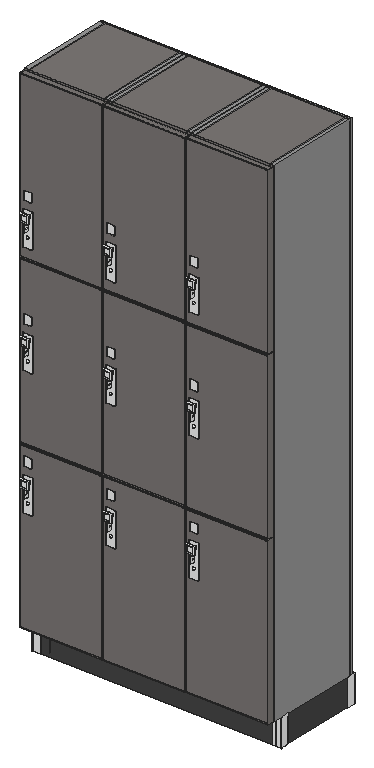
Revit family "Wood_Lockers_Hasps-Salsbury_Industries-43000_Series-3_Wide_Units.rfa", category Specialty Equipment, Revit 2016
Family settings
  Part Type = Normal
  Round Connector Dimension = Use Diameter
  OmniClass Number = 23.40.00.00
  OmniClass Title = Equipment and Furnishings
  Work Plane-Based = No
  Always vertical = Yes
  Cut with Voids When Loaded = No
  Shared = No
  Room Calculation Point = No
Parameters (values of type "43365")
  Width = 36.000"
  Version = "1.0 (01/31/24)"
  Unit Height including Sloping Hood Only [instance] = 77.743"
  Unit Height including Base Only [instance] = 76.000"
  URL = "www.lockers.com"
  Type Comments = "Premier Wood Lockers - Triple Tier - with Hasps"
  Total Doors Height [instance] = if(Unit Height = 72.000", 71.750", if(Unit Height = 60.000", 59.750", 0.000"))  # 71.750"
  Sloping Top Corner Filler - Right Side [instance] = Wood Locker Sloping Corner Fillers : None
  Sloping Top Corner Filler - Left Side [instance] = Wood Locker Sloping Corner Fillers : None
  Sloping In-Line Filler - Right Side [instance] = Wood Locker Sloping In-Line Fillers : None
  Sloping In-Line Filler - Left Side [instance] = Wood Locker Sloping In-Line Fillers : None
  Sloping Hood Height = if(Depth = 15.000", 5.743", if(Depth = 18.000", 6.868", if(Depth = 21.000", 7.993", if(Depth = 24.000", 9.118", 0.000"))))  # 5.743"
  Sloping Hood [instance] = Wood Locker Sloping Hoods : None
  Side Panel without Slope - Right Side [instance] = Wood Locker Side Panels-No Slope : None
  Side Panel without Slope - Left Side [instance] = Wood Locker Side Panels-No Slope : None
  Side Panel with Slope - Right Side [instance] = Wood Locker Side Panels-With Slope : None
  Side Panel with Slope - Left Side [instance] = Wood Locker Side Panels-With Slope : None
  Secondary Structure Materials = Particle Board Industrial Grade - Salsbury Finish - Black Melamine Overlay
  Primary Structure Materials = Particle Board Industrial Grade - Salsbury Finish - Plain
  Overall Unit Height including Base and Sloping Hood [instance] = 81.743"
  OmniClass 23 Title = "Equipment and Furnishings"
  OmniClass 23 Number = "23.40.00.00"
  Model = "43365"
  MasterFormat Title = "Lockers"
  MasterFormat Code = "10 51 23"
  Manufacturer = "Salsbury Industries"
  Laminate Surface [instance] = Industrial Grade Particleboard with Wood Laminate - Salsbury Finish - Skyline Walnut
  Unit Height = 72.000"
  Interior Material = Textured Melamine - Salsbury Finish - White
  Individual Door Width [instance] = 11.875"
  Individual Door Height = if(Unit Height = 72.000", 23.791", if(Unit Height = 60.000", 19.791", 0.000"))  # 23.791"
  Hardware = Aluminum - Salsbury Finish - Black Satin
  Front Vertical Filler - Right Side [instance] = Wood Locker Front Fillers : None
  Front Vertical Filler - Left Side [instance] = Wood Locker Front Fillers : None
  Front Corner Filler - Right Side [instance] = Wood Locker Front Corner Filler : None
  Front Corner Filler - Left Side [instance] = Wood Locker Front Corner Filler : None
  Flat Top In-Line Filler - Right Side [instance] = Wood Locker Flat In-Line Fillers : None
  Flat Top In-Line Filler - Left Side [instance] = Wood Locker Flat In-Line Fillers : None
  Flat Top Corner Filler - Right Side [instance] = Wood Locker Flat Corner Fillers : None
  Flat Top Corner Filler - Left Side [instance] = Wood Locker Flat Corner Fillers : None
  Fascia Filler [instance] = Wood Locker Fascia Fillers : None
  Double Side Panel without Slope - Right Side [instance] = Wood Locker Double Side Panels-No Slope : None
  Double Side Panel without Slope - Left Side [instance] = Wood Locker Double Side Panels-No Slope : None
  Double Side Panel with Slope - Right Side [instance] = Wood Locker Double Side Panels-With Slope : None
  Double Side Panel with Slope - Left Side [instance] = Wood Locker Double Side Panels-With Slope : None
  Door Location D3 = Premier Locker Doors_Hasp : Triple Tier Door-3 for Six Foot High Locker
  Door Location D2 = Premier Locker Doors_Hasp : Triple Tier Door-2 for Six Foot High Locker
  Door Location D1 = Premier Locker Doors_Hasp : Triple Tier Door-1 for Six Foot High Locker
  Description = "3 Wide - 6 Feet High - 15 inches Deep - with Base"
  Depth = 15.000"
  Compartment Width [instance] = 10.750"
  Compartment Height [instance] = if(Unit Height = 72.000", 23.000", if(Unit Height = 60.000", 19.000", 0.000"))  # 23.000"
  Compartment Depth [instance] = 13.750"
  Base Material = Particle Board Industrial Grade - Salsbury Finish - Black Melamine Overlay
  Base Height = 4.000"
  Base Depth [instance] = 13.250"
  Base = Wood Locker Bases : Base - 36" W x 15" D Lockers
  Assembly Code = "C1030310"
Reference planes (in)
  plane 1 "Center (Front/Back)": y = 0
  plane 2: z = 0
  plane 3 "Center (Left/Right)": x = 0
  plane 4 "Right Side of Unit": x = 18
  plane 5 "Left Side of Unit": x = -18
  plane 6 "Back of Unit": y = 7.5
  plane 7 "Front of Unit": y = -7.5
  plane 8 "Bottom of Base": z = 0
  plane 9 "Top Edge of Unit": z = 76
  plane 10 "Top of Base Edge": z = 4
  plane 11: z = 81.743
  plane 12 "Right Compartment 3 Edge": x = 17.406
  plane 13 "Left Compartment 1 Edge": x = -17.406
  plane 14 "Front Melamine Edge": y = -6.5
  plane 15 "Back Compartment Edge": y = 7.281
  plane 16 "Front Compartment Edge": y = -6.469
  plane 17 "Front Edge of Base": y = -5.125
  plane 18 "Bottom Edge of Door": z = 4.125
  plane 19 "Top Edge of Door": z = 75.875
  plane 20 "Bottom Compartment Edge": z = 4.75
  plane 21 "Top Compartment Edge": z = 75.25
  plane 22 "Center Top and Bottom": z = 40
  plane 23 "Left Melamine 1 Edge": x = -17.375
  plane 24 "Right Melamine 3 Edge": x = 17.375
  plane 25 "Back Melamine Edge": y = 7.25
  plane 26 "Left Edge of Door": x = -17.875
  plane 27: y = 8.125
  plane 28: y = -5.75
  plane 29 "Base / Ventillation Alignment": y = 8.125
  plane 30 "Compartment 1-2 Dividing Line": x = -6
  plane 31 "Compartment 2-3 Dividing Line": x = 6
  plane 32 "Right Compartment 1 Edge": x = -6.594
  plane 33 "Right Melamine 1 Edge": x = -6.625
  plane 34 "Left Compartment 2 Edge": x = -5.406
  plane 35 "Left Melamine 2 Edge": x = -5.375
  plane 36 "Right Compartment 2 Edge": x = 5.406
  plane 37 "Right Melamine 2 Edge": x = 5.375
  plane 38 "Left Compartment 3 Edge": x = 6.594
  plane 39 "Left Melamine 3 Edge": x = 6.625
  plane 40 "Compartment Shelf 2": z = 28.5
  plane 41: z = 27.75
  plane 42 "Compartment Extrusion Guide": z = 3.5
  plane 43 "Vertical Center of Compartment 1": x = -12
  plane 44 "Vertical Center of Compartment 3": x = 12
  plane 45: z = 27.916
  plane 46: z = 28.104
  plane 47: z = 51.5
  plane 48 "Compartment Shelf 1": z = 52.25
  plane 49: z = 51.895
  plane 50: z = 52.083
  plane 51 "Front of Shelf": y = 2.25
  plane 52: y = 2.281
  plane 53 "Top Shelf-Top": z = 70.75
  plane 54 "Top Shelf-Bottom": z = 70
  plane 55 "Mid Shelf-Top": z = 47
  plane 56 "Mid Shelf-Bottom": z = 46.25
  plane 57 "Bottom Shelf-Top": z = 23.25
  plane 58 "Bottom Shelf-Bottom": z = 22.5
Forms (in)
  Extrusion 1, solid, material "Particle Board Industrial Grade - Salsbury Finish - Plain" <- "Primary Structure Materials"
    sketch origin (18, 0, 0) x (0, -1, 0) y (0, 0, 1)
      loop
        line (6.469, 76) -> (-7.25, 76) -> (-7.25, 4) -> (6.469, 4) -> (6.469, 76)
    from 0 to 0.594
  Extrusion 2, solid, material "Particle Board Industrial Grade - Salsbury Finish - Plain" <- "Primary Structure Materials"
    sketch origin (-18, 0, 0) x (0, -1, 0) y (0, 0, 1)
      loop
        line (-7.25, 76) -> (-7.25, 4) -> (6.469, 4) -> (6.469, 76) -> (-7.25, 76)
    from 0 to -0.594
  Extrusion 3, solid, material "Textured Melamine - Salsbury Finish - White" <- "Interior Material"
    sketch origin (0, 0, 4) x (0, -1, 0) y (1, 0, 0)
      loop
        line (-7.25, -17.375) -> (6.469, -17.375) -> (6.469, 17.375) -> (-7.25, 17.375) -> (-7.25, -17.375)
    from 0 to 0.75
  Extrusion 4, solid, material "Industrial Grade Particleboard with Wood Laminate - Salsbury Finish - Skyline Walnut" <- "Laminate Surface"
    sketch origin (0, 0, 76) x (0, -1, 0) y (1, 0, 0)
      loop
        line (-7.25, -17.375) -> (6.5, -17.375) -> (6.5, 17.375) -> (-7.25, 17.375) -> (-7.25, -17.375)
    from 0 to -0.75
  Extrusion 5, solid, material "Particle Board Industrial Grade - Salsbury Finish - Plain" <- "Primary Structure Materials"
    sketch origin (0, 7.5, 0) x (1, 0, 0) y (0, 0, 1)
      loop
        line (-18, 76) -> (-18, 4) -> (18, 4) -> (18, 76) -> (-18, 76)
    from 0 to 0.219
  Extrusion 6, solid, material "Industrial Grade Particleboard with Wood Laminate - Salsbury Finish - Skyline Walnut" <- "Laminate Surface"
    sketch origin (0, -6.469, 0) x (1, 0, 0) y (0, 0, 1)
      loop
        line (-18, 76) -> (-18, 4) -> (-17.375, 4) -> (-17.375, 76) -> (-18, 76)
    from 0 to 0.031
  Extrusion 7, solid, material "Industrial Grade Particleboard with Wood Laminate - Salsbury Finish - Skyline Walnut" <- "Laminate Surface"
    sketch origin (0, -6.469, 0) x (-1, 0, 0) y (0, 0, -1)
      loop
        line (-18, -76) -> (-17.375, -76) -> (-17.375, -4) -> (-18, -4) -> (-18, -76)
    from 0 to 0.031
  Extrusion 8, solid, material "Textured Melamine - Salsbury Finish - White" <- "Interior Material"
    sketch origin (0, 7.25, 0) x (1, 0, 0) y (0, 0, 1)
      loop
        line (-18, 76) -> (-18, 4) -> (18, 4) -> (18, 76) -> (-18, 76)
    from -0.031 to 0
  Extrusion 9, solid, material "Textured Melamine - Salsbury Finish - White" <- "Interior Material"
    sketch origin (-17.406, 0, 0) x (0, -1, 0) y (0, 0, 1)
      loop
        line (-7.25, 76) -> (-7.25, 4) -> (6.469, 4) -> (6.469, 76) -> (-7.25, 76)
    from 0 to -0.031
  Extrusion 10, solid, material "Textured Melamine - Salsbury Finish - White" <- "Interior Material"
    sketch origin (17.406, 0, 0) x (0, -1, 0) y (0, 0, 1)
      loop
        line (6.469, 76) -> (-7.25, 76) -> (-7.25, 4) -> (6.469, 4) -> (6.469, 76)
    from 0 to 0.031
  Extrusion 11, solid, material "Textured Melamine - Salsbury Finish - White" <- "Interior Material", detail levels fine
    sketch origin (0, 0, 28.5) x (0, -1, 0) y (1, 0, 0)
      loop
        line (-7.25, -17.375) -> (6.469, -17.375) -> (6.469, 17.375) -> (-7.25, 17.375) -> (-7.25, -17.375)
    from 0 to -0.75
  Extrusion 12, void
    sketch origin (0, 0, 76) x (0, -1, 0) y (1, 0, 0)
      loop
        line (-7.25, -6.625) -> (6.5, -6.625) -> (6.5, -5.375) -> (-7.25, -5.375) -> (-7.25, -6.625)
    from -72.5 to 0
  Extrusion 13, void
    sketch origin (12, 0, 76) x (0, -1, 0) y (1, 0, 0)
      loop
        line (-7.25, -6.625) -> (6.5, -6.625) -> (6.5, -5.375) -> (-7.25, -5.375) -> (-7.25, -6.625)
    from -72.5 to 0
  Extrusion 14, solid, material "Particle Board Industrial Grade - Salsbury Finish - Plain" <- "Primary Structure Materials"
    sketch origin (6.0625, 0, 0) x (0, -1, 0) y (0, 0, 1)
      loop
        line (6.469, 76) -> (-7.25, 76) -> (-7.25, 4) -> (6.469, 4) -> (6.469, 76)
    from 0.0625 to 0.6565
  Extrusion 15, solid, material "Textured Melamine - Salsbury Finish - White" <- "Interior Material"
    sketch origin (5.4685, 0, 0) x (0, -1, 0) y (0, 0, 1)
      loop
        line (6.469, 76) -> (-7.25, 76) -> (-7.25, 4) -> (6.469, 4) -> (6.469, 76)
    from 0.0625 to 0.0935
  Extrusion 16, solid, material "Particle Board Industrial Grade - Salsbury Finish - Plain" <- "Primary Structure Materials"
    sketch origin (-5.9375, 0, 0) x (0, -1, 0) y (0, 0, 1)
      loop
        line (6.469, 76) -> (-7.25, 76) -> (-7.25, 4) -> (6.469, 4) -> (6.469, 76)
    from 0.0625 to 0.6565
  Extrusion 17, solid, material "Textured Melamine - Salsbury Finish - White" <- "Interior Material"
    sketch origin (-6.5315, 0, 0) x (0, -1, 0) y (0, 0, 1)
      loop
        line (6.469, 76) -> (-7.25, 76) -> (-7.25, 4) -> (6.469, 4) -> (6.469, 76)
    from 0.0625 to 0.0935
  Extrusion 18, solid, material "Particle Board Industrial Grade - Salsbury Finish - Plain" <- "Primary Structure Materials"
    sketch origin (-5.9375, 0, 0) x (0, -1, 0) y (0, 0, 1)
      loop
        line (-7.25, 76) -> (-7.25, 4) -> (6.469, 4) -> (6.469, 76) -> (-7.25, 76)
    from 0.0625 to -0.5315
  Extrusion 19, solid, material "Textured Melamine - Salsbury Finish - White" <- "Interior Material"
    sketch origin (-5.3435, 0, 0) x (0, -1, 0) y (0, 0, 1)
      loop
        line (-7.25, 76) -> (-7.25, 4) -> (6.469, 4) -> (6.469, 76) -> (-7.25, 76)
    from 0.0625 to 0.0315
  Extrusion 20, solid, material "Particle Board Industrial Grade - Salsbury Finish - Plain" <- "Primary Structure Materials"
    sketch origin (6.0625, 0, 0) x (0, -1, 0) y (0, 0, 1)
      loop
        line (-7.25, 76) -> (-7.25, 4) -> (6.469, 4) -> (6.469, 76) -> (-7.25, 76)
    from 0.0625 to -0.5315
  Extrusion 21, solid, material "Textured Melamine - Salsbury Finish - White" <- "Interior Material"
    sketch origin (6.6565, 0, 0) x (0, -1, 0) y (0, 0, 1)
      loop
        line (-7.25, 76) -> (-7.25, 4) -> (6.469, 4) -> (6.469, 76) -> (-7.25, 76)
    from 0.0625 to 0.0315
  Extrusion 22, solid, material "Industrial Grade Particleboard with Wood Laminate - Salsbury Finish - Skyline Walnut" <- "Laminate Surface"
    sketch origin (11.375, -6.469, 0) x (1, 0, 0) y (0, 0, 1)
      loop
        line (-18, 76) -> (-18, 4) -> (-16.75, 4) -> (-16.75, 76) -> (-18, 76)
    from 0 to 0.031
  Extrusion 23, solid, material "Industrial Grade Particleboard with Wood Laminate - Salsbury Finish - Skyline Walnut" <- "Laminate Surface"
    sketch origin (23.375, -6.469, 0) x (1, 0, 0) y (0, 0, 1)
      loop
        line (-18, 76) -> (-18, 4) -> (-16.75, 4) -> (-16.75, 76) -> (-18, 76)
    from 0 to 0.031
  Extrusion 24, solid, material "Textured Melamine - Salsbury Finish - White" <- "Interior Material", detail levels fine
    sketch origin (0, 0, 52.25) x (0, -1, 0) y (1, 0, 0)
      loop
        line (-7.25, -17.375) -> (6.469, -17.375) -> (6.469, 17.375) -> (-7.25, 17.375) -> (-7.25, -17.375)
    from 0 to -0.75
  Extrusion 25, solid, material "Industrial Grade Particleboard with Wood Laminate - Salsbury Finish - Skyline Walnut" <- "Laminate Surface"
    sketch origin (0, -6.469, 0) x (1, 0, 0) y (0, 0, 1)
      loop
        line (-17.375, 52.25) -> (-17.375, 51.5) -> (17.375, 51.5) -> (17.375, 52.25) -> (-17.375, 52.25)
    from 0 to 0.031
  Extrusion 26, solid, material "Industrial Grade Particleboard with Wood Laminate - Salsbury Finish - Skyline Walnut" <- "Laminate Surface"
    sketch origin (0, -6.469, 0) x (1, 0, 0) y (0, 0, 1)
      loop
        line (-17.375, 28.5) -> (-17.375, 27.75) -> (17.375, 27.75) -> (17.375, 28.5) -> (-17.375, 28.5)
    from 0 to 0.031
  Extrusion 27, solid, material "Industrial Grade Particleboard with Wood Laminate - Salsbury Finish - Skyline Walnut" <- "Laminate Surface"
    sketch origin (0, -6.469, 0) x (1, 0, 0) y (0, 0, 1)
      loop
        line (-17.375, 4.75) -> (-17.375, 4) -> (17.375, 4) -> (17.375, 4.75) -> (-17.375, 4.75)
    from 0 to 0.031
  Extrusion 28, solid, material "Textured Melamine - Salsbury Finish - White" <- "Interior Material"
    sketch origin (0, 0, 70.75) x (0, -1, 0) y (1, 0, 0)
      loop
        line (-7.25, -17.375) -> (-2.281, -17.375) -> (-2.281, 17.375) -> (-7.25, 17.375) -> (-7.25, -17.375)
    from 0 to -0.75
  Extrusion 29, solid, material "Textured Melamine - Salsbury Finish - White" <- "Interior Material"
    sketch origin (0, 0, 47) x (0, -1, 0) y (1, 0, 0)
      loop
        line (-7.25, -17.375) -> (-2.281, -17.375) -> (-2.281, 17.375) -> (-7.25, 17.375) -> (-7.25, -17.375)
    from 0 to -0.75
  Extrusion 30, solid, material "Textured Melamine - Salsbury Finish - White" <- "Interior Material"
    sketch origin (0, 0, 23.25) x (0, -1, 0) y (1, 0, 0)
      loop
        line (-7.25, -17.375) -> (-2.281, -17.375) -> (-2.281, 17.375) -> (-7.25, 17.375) -> (-7.25, -17.375)
    from 0 to -0.75
  Extrusion 31, solid, material "Industrial Grade Particleboard with Wood Laminate - Salsbury Finish - Skyline Walnut" <- "Laminate Surface"
    sketch origin (0, 2.25, 0) x (1, 0, 0) y (0, 0, 1)
      loop
        line (-17.375, 70.75) -> (-17.375, 70) -> (17.375, 70) -> (17.375, 70.75) -> (-17.375, 70.75)
    from 0 to -0.031
  Extrusion 32, solid, material "Industrial Grade Particleboard with Wood Laminate - Salsbury Finish - Skyline Walnut" <- "Laminate Surface"
    sketch origin (0, 2.25, 0) x (1, 0, 0) y (0, 0, 1)
      loop
        line (-17.375, 47) -> (-17.375, 46.25) -> (17.375, 46.25) -> (17.375, 47) -> (-17.375, 47)
    from 0 to -0.031
  Extrusion 33, solid, material "Industrial Grade Particleboard with Wood Laminate - Salsbury Finish - Skyline Walnut" <- "Laminate Surface"
    sketch origin (0, 2.25, 0) x (1, 0, 0) y (0, 0, 1)
      loop
        line (-17.375, 23.25) -> (-17.375, 22.5) -> (17.375, 22.5) -> (17.375, 23.25) -> (-17.375, 23.25)
    from 0 to -0.031
Cuts and joins
  Extrusion 12, Extrusion 13 cuts Extrusion 4
  Extrusion 12, Extrusion 13 cuts Extrusion 11
  Extrusion 12, Extrusion 13 cuts Extrusion 3
  Extrusion 13 cuts Extrusion 8
  Extrusion 12, Extrusion 13 cuts Extrusion 24
Lines and regions (in)
  symbolic lines
    curve 1: line (-18, 7.25, 76) -> (18.00006, 7.25, 76)
    curve 2: line (-18, 7.25, 0) -> (-18, 7.25, 76)
    curve 3: line (18.00006, 7.25, 76) -> (18.00006, 7.25, 0)
    curve 4: line (17.406, -6.5, 76) -> (17.406, 8.125, 76)
    curve 5: line (17.406, -6.5, 0) -> (17.406, -6.5, 76)
    curve 6: line (17.406, 8.125, 76) -> (17.406, 8.125, 0)
    curve 7: line (18.00006, 7.25, 0) -> (-18, 7.25, 0)
    curve 8: line (17.406, -5.125, 0) -> (17.406, 8.125, 0)
    curve 9: line (17.406, 8.125, 0) -> (17.406, -5.125, 0)
    curve 10: line (17.406, -6.5, 0) -> (17.406, 8.125, 0)
    curve 11: line (-18, 8.125, 0) -> (18, 8.125, 0)
    curve 12: line (-18, -6.5, 0) -> (-18, 8.125, 0)
    curve 13: line (18, -6.5, 0) -> (-18, -6.5, 0)
    curve 14: line (18, 8.125, 0) -> (18, -6.5, 0)
Dimensions and locks (in)
  equal spacing: plane 5 "Left Side of Unit", plane 43 "Vertical Center of Compartment 1", plane 30 "Compartment 1-2 Dividing Line", plane 3 "Center (Left/Right)", plane 31 "Compartment 2-3 Dividing Line", plane 44 "Vertical Center of Compartment 3", plane 4 "Right Side of Unit"
  "Width": plane 5 "Left Side of Unit" to plane 4 "Right Side of Unit"
  equal spacing: plane 7 "Front of Unit", plane 1 "Center (Front/Back)", plane 6 "Back of Unit"
  "Depth": plane 7 "Front of Unit" to plane 6 "Back of Unit"
  "Base Height": plane 10 "Top of Base Edge" to plane 8 "Bottom of Base"
  "Unit Height": plane 9 "Top Edge of Unit" to plane 10 "Top of Base Edge"
  "Sloping Hood Height": plane 11 to plane 9 "Top Edge of Unit"
  locked: plane 12 "Right Compartment 3 Edge" to plane 4 "Right Side of Unit" at 0.594
  locked: plane 5 "Left Side of Unit" to plane 13 "Left Compartment 1 Edge" at 0.594
  locked: plane 7 "Front of Unit" to plane 14 "Front Melamine Edge" at 1
  locked: plane 15 "Back Compartment Edge" to plane 6 "Back of Unit" at 0.219
  locked: plane 14 "Front Melamine Edge" to plane 16 "Front Compartment Edge" at 0.031
  plane 18 "Bottom Edge of Door" to plane 10 "Top of Base Edge" = 0.125"
  plane 9 "Top Edge of Unit" to plane 19 "Top Edge of Door" = 0.125"
  plane 20 "Bottom Compartment Edge" to plane 10 "Top of Base Edge" = 0.750"
  plane 9 "Top Edge of Unit" to plane 21 "Top Compartment Edge" = 0.750"
  equal spacing: plane 9 "Top Edge of Unit", plane 22 "Center Top and Bottom", plane 10 "Top of Base Edge"
  locked: plane 24 "Right Melamine 3 Edge" to plane 12 "Right Compartment 3 Edge" at 0.031
  locked: plane 13 "Left Compartment 1 Edge" to plane 23 "Left Melamine 1 Edge" at 0.031
  locked: plane 25 "Back Melamine Edge" to plane 15 "Back Compartment Edge" at 0.031
  locked: plane 5 "Left Side of Unit" to plane 26 "Left Edge of Door" at 0.125
  "Individual Door Width": plane 26 "Left Edge of Door" to plane 30 "Compartment 1-2 Dividing Line"
  "Total Doors Height": plane 19 "Top Edge of Door" to plane 18 "Bottom Edge of Door"
  "Unit Height including Base Only": plane 9 "Top Edge of Unit" to plane 8 "Bottom of Base"
  "Unit Height including Sloping Hood Only": plane 11 to plane 10 "Top of Base Edge"
  "Overall Unit Height including Base and Sloping Hood": plane 11 to plane 8 "Bottom of Base"
  locked: plane 7 "Front of Unit" to plane 17 "Front Edge of Base" at 2.375
  locked: plane 6 "Back of Unit" to plane 27 at 0.625
  "Base Depth": plane 17 "Front Edge of Base" to plane 27
  "Compartment Width": plane 23 "Left Melamine 1 Edge" to plane 33 "Right Melamine 1 Edge"
  "Compartment Height": plane 41 to plane 20 "Bottom Compartment Edge"
  "Compartment Depth": plane 14 "Front Melamine Edge" to plane 25 "Back Melamine Edge"
  locked: plane 14 "Front Melamine Edge" to plane 28 at 0.75
  plane 14 "Front Melamine Edge" to plane 27 = 14.625"
  Extrusion 2 to Extrusion 9 = 13.719"
  plane 6 "Back of Unit" to plane 29 "Base / Ventillation Alignment" = 0.625"
  plane 32 "Right Compartment 1 Edge" to plane 30 "Compartment 1-2 Dividing Line" to plane 34 "Left Compartment 2 Edge" = 0.594" locked, 0.594" locked
  plane 36 "Right Compartment 2 Edge" to plane 31 "Compartment 2-3 Dividing Line" to plane 38 "Left Compartment 3 Edge" = 0.594" locked, 0.594" locked
  locked: plane 37 "Right Melamine 2 Edge" to plane 36 "Right Compartment 2 Edge" at 0.031
  locked: plane 38 "Left Compartment 3 Edge" to plane 39 "Left Melamine 3 Edge" at 0.031
  locked: plane 34 "Left Compartment 2 Edge" to plane 35 "Left Melamine 2 Edge" at 0.031
  locked: plane 33 "Right Melamine 1 Edge" to plane 32 "Right Compartment 1 Edge" at 0.031
  locked: plane 40 "Compartment Shelf 2" to plane 41 at 0.75
  locked: plane 10 "Top of Base Edge" to plane 42 "Compartment Extrusion Guide" at 0.5
  locked: plane 46 to plane 45 at 0.188
  "Individual Door Height": plane 45 to plane 18 "Bottom Edge of Door"
  locked: plane 48 "Compartment Shelf 1" to plane 47 at 0.75
  locked: plane 50 to plane 49 at 0.188
  "Individual Door Height": plane 49 to plane 46
  "Compartment Height": plane 47 to plane 40 "Compartment Shelf 2"
  locked: plane 51 "Front of Shelf" to plane 52 at 0.031
  locked: plane 51 "Front of Shelf" to plane 25 "Back Melamine Edge" at 5
  plane 21 "Top Compartment Edge" to plane 53 "Top Shelf-Top" to plane 54 "Top Shelf-Bottom" = 4.500" locked, 0.750" locked
  plane 47 to plane 55 "Mid Shelf-Top" to plane 56 "Mid Shelf-Bottom" = 4.500" locked, 0.750" locked
  plane 41 to plane 57 "Bottom Shelf-Top" to plane 58 "Bottom Shelf-Bottom" = 4.500" locked, 0.750" locked
  aligned and locked: level to plane 2
  aligned and locked: plane 15 "Back Compartment Edge" to Extrusion 5
  aligned and locked: plane 4 "Right Side of Unit" to nested 1
  aligned and locked: plane 18 "Bottom Edge of Door" to nested 1
  aligned and locked: plane 7 "Front of Unit" to nested 1
  aligned and locked: plane 5 "Left Side of Unit" to nested 2
  aligned and locked: nested 2 to plane 14 "Front Melamine Edge"
  aligned and locked: plane 9 "Top Edge of Unit" to nested 2
  aligned and locked: plane 4 "Right Side of Unit" to nested 3
  aligned and locked: nested 3 to plane 9 "Top Edge of Unit"
  aligned and locked: nested 3 to plane 14 "Front Melamine Edge"
  aligned and locked: plane 9 "Top Edge of Unit" to nested 4
  aligned and locked: plane 28 to nested 4
  aligned and locked: nested 5 to plane 28
  aligned and locked: plane 5 "Left Side of Unit" to nested 5
  aligned and locked: plane 4 "Right Side of Unit" to nested 4
  aligned and locked: nested 5 to plane 9 "Top Edge of Unit"
  aligned and locked: nested 7 to plane 5 "Left Side of Unit"
  aligned and locked: nested 6 to plane 4 "Right Side of Unit"
  aligned and locked: plane 14 "Front Melamine Edge" to nested 6
  aligned and locked: nested 7 to plane 14 "Front Melamine Edge"
  aligned and locked: plane 10 "Top of Base Edge" to nested 6
  aligned and locked: nested 7 to plane 10 "Top of Base Edge"
  aligned and locked: plane 5 "Left Side of Unit" to nested 8
  aligned and locked: plane 4 "Right Side of Unit" to nested 9
  aligned and locked: nested 9 to plane 10 "Top of Base Edge"
  aligned and locked: plane 10 "Top of Base Edge" to nested 8
  aligned and locked: plane 16 "Front Compartment Edge" to nested 9
  aligned and locked: nested 8 to plane 14 "Front Melamine Edge"
  aligned and locked: plane 4 "Right Side of Unit" to nested 10
  aligned and locked: nested 10 to plane 10 "Top of Base Edge"
  aligned and locked: plane 14 "Front Melamine Edge" to nested 10
  aligned and locked: plane 14 "Front Melamine Edge" to nested 11
  aligned and locked: nested 11 to nested 3
  aligned and locked: plane 10 "Top of Base Edge" to nested 11
  aligned and locked: nested 12 to plane 5 "Left Side of Unit"
  aligned and locked: nested 12 to plane 14 "Front Melamine Edge"
  aligned and locked: nested 12 to plane 10 "Top of Base Edge"
  aligned and locked: plane 14 "Front Melamine Edge" to nested 13
  aligned and locked: nested 13 to plane 4 "Right Side of Unit"
  aligned and locked: nested 14 to plane 14 "Front Melamine Edge"
  aligned and locked: nested 14 to plane 5 "Left Side of Unit"
  aligned and locked: plane 10 "Top of Base Edge" to nested 13
  aligned and locked: nested 14 to plane 10 "Top of Base Edge"
  aligned and locked: plane 14 "Front Melamine Edge" to nested 15
  aligned and locked: plane 4 "Right Side of Unit" to nested 15
  aligned and locked: nested 16 to plane 14 "Front Melamine Edge"
  aligned and locked: plane 5 "Left Side of Unit" to nested 16
  aligned and locked: nested 15 to plane 8 "Bottom of Base"
  aligned and locked: nested 16 to plane 8 "Bottom of Base"
  aligned and locked: nested 17 to plane 5 "Left Side of Unit"
  aligned and locked: nested 18 to plane 4 "Right Side of Unit"
  aligned and locked: nested 18 to plane 14 "Front Melamine Edge"
  aligned and locked: nested 17 to plane 14 "Front Melamine Edge"
  aligned and locked: plane 8 "Bottom of Base" to nested 18
  aligned and locked: nested 17 to plane 8 "Bottom of Base"
  aligned and locked: plane 17 "Front Edge of Base" to nested 19
  aligned and locked: nested 20 to plane 9 "Top Edge of Unit"
  aligned and locked: plane 5 "Left Side of Unit" to nested 20
  aligned and locked: nested 21 to plane 9 "Top Edge of Unit"
  aligned and locked: plane 4 "Right Side of Unit" to nested 21
  aligned and locked: nested 21 to plane 14 "Front Melamine Edge"
  aligned and locked: nested 20 to plane 14 "Front Melamine Edge"
  aligned and locked: nested 23 to plane 9 "Top Edge of Unit"
  aligned and locked: plane 4 "Right Side of Unit" to nested 23
  aligned and locked: nested 22 to plane 9 "Top Edge of Unit"
  aligned and locked: plane 5 "Left Side of Unit" to nested 22
  aligned and locked: nested 23 to plane 28
  aligned and locked: nested 22 to plane 28
  aligned and locked: plane 8 "Bottom of Base" to nested 19
  aligned and locked: plane 3 "Center (Left/Right)" to nested 19
  aligned and locked: plane 25 "Back Melamine Edge" to Extrusion 3 sketch curve
  aligned and locked: Extrusion 3 sketch curve to plane 23 "Left Melamine 1 Edge"
  aligned and locked: plane 24 "Right Melamine 3 Edge" to Extrusion 3 sketch curve
  aligned and locked: plane 25 "Back Melamine Edge" to Extrusion 4 sketch curve
  aligned and locked: plane 24 "Right Melamine 3 Edge" to Extrusion 4 sketch curve
  aligned and locked: Extrusion 4 sketch curve to plane 23 "Left Melamine 1 Edge"
  aligned and locked: Extrusion 4 sketch curve to plane 14 "Front Melamine Edge"
  aligned and locked: Extrusion 4 to plane 9 "Top Edge of Unit"
  aligned and locked: plane 21 "Top Compartment Edge" to Extrusion 4
  aligned and locked: Extrusion 2 sketch curve to plane 9 "Top Edge of Unit"
  aligned and locked: plane 16 "Front Compartment Edge" to Extrusion 2 sketch curve
  aligned and locked: Extrusion 2 sketch curve to plane 25 "Back Melamine Edge"
  aligned and locked: plane 10 "Top of Base Edge" to Extrusion 2 sketch curve
  aligned and locked: Extrusion 2 to plane 13 "Left Compartment 1 Edge"
  aligned and locked: plane 5 "Left Side of Unit" to Extrusion 2
  aligned and locked: plane 10 "Top of Base Edge" to Extrusion 9 sketch curve
  aligned and locked: Extrusion 9 sketch curve to plane 25 "Back Melamine Edge"
  aligned and locked: Extrusion 9 sketch curve to plane 9 "Top Edge of Unit"
  aligned and locked: Extrusion 1 sketch curve to plane 16 "Front Compartment Edge"
  aligned and locked: plane 9 "Top Edge of Unit" to Extrusion 1 sketch curve
  aligned and locked: Extrusion 1 sketch curve to plane 10 "Top of Base Edge"
  aligned and locked: plane 25 "Back Melamine Edge" to Extrusion 1 sketch curve
  aligned and locked: Extrusion 1 to plane 4 "Right Side of Unit"
  aligned and locked: plane 12 "Right Compartment 3 Edge" to Extrusion 1
  aligned and locked: Extrusion 10 sketch curve to plane 10 "Top of Base Edge"
  aligned and locked: plane 25 "Back Melamine Edge" to Extrusion 10 sketch curve
  aligned and locked: Extrusion 10 sketch curve to plane 16 "Front Compartment Edge"
  aligned and locked: plane 9 "Top Edge of Unit" to Extrusion 10 sketch curve
  aligned and locked: Extrusion 10 to plane 12 "Right Compartment 3 Edge"
  aligned and locked: plane 24 "Right Melamine 3 Edge" to Extrusion 10
  aligned and locked: Extrusion 8 sketch curve to plane 10 "Top of Base Edge"
  aligned and locked: plane 4 "Right Side of Unit" to Extrusion 8 sketch curve
  aligned and locked: plane 9 "Top Edge of Unit" to Extrusion 8 sketch curve
  aligned and locked: Extrusion 8 sketch curve to plane 5 "Left Side of Unit"
  aligned and locked: Extrusion 8 to plane 15 "Back Compartment Edge"
  aligned and locked: plane 25 "Back Melamine Edge" to Extrusion 8
  aligned and locked: plane 9 "Top Edge of Unit" to Extrusion 5 sketch curve
  aligned and locked: Extrusion 5 sketch curve to plane 5 "Left Side of Unit"
  aligned and locked: Extrusion 5 sketch curve to plane 10 "Top of Base Edge"
  aligned and locked: plane 4 "Right Side of Unit" to Extrusion 5 sketch curve
  aligned and locked: Extrusion 7 sketch curve to plane 9 "Top Edge of Unit"
  aligned and locked: Extrusion 7 sketch curve to plane 4 "Right Side of Unit"
  aligned and locked: plane 24 "Right Melamine 3 Edge" to Extrusion 7 sketch curve
  aligned and locked: plane 10 "Top of Base Edge" to Extrusion 7 sketch curve
  aligned and locked: Extrusion 7 to plane 16 "Front Compartment Edge"
  aligned and locked: plane 14 "Front Melamine Edge" to Extrusion 7
  aligned and locked: Extrusion 6 sketch curve to plane 10 "Top of Base Edge"
  aligned and locked: plane 23 "Left Melamine 1 Edge" to Extrusion 6 sketch curve
  aligned and locked: Extrusion 6 sketch curve to plane 5 "Left Side of Unit"
  aligned and locked: plane 9 "Top Edge of Unit" to Extrusion 6 sketch curve
  aligned and locked: Extrusion 6 to plane 16 "Front Compartment Edge"
  aligned and locked: plane 14 "Front Melamine Edge" to Extrusion 6
  aligned and locked: plane 16 "Front Compartment Edge" to Extrusion 9
  aligned and locked: plane 13 "Left Compartment 1 Edge" to Extrusion 9
  aligned and locked: nested 2 to curve 1
  aligned and locked: curve 2 to nested 16
  aligned and locked: nested 15 to curve 5
  aligned and locked: curve 9 to nested 19
  aligned and locked: curve 10 to nested 15
  aligned and locked: curve 13 to plane 14 "Front Melamine Edge"
  aligned and locked: curve 12 to plane 5 "Left Side of Unit"
  aligned and locked: plane 29 "Base / Ventillation Alignment" to curve 11
  aligned and locked: plane 29 "Base / Ventillation Alignment" to curve 6
  aligned and locked: plane 14 "Front Melamine Edge" to nested 24
  aligned and locked: plane 9 "Top Edge of Unit" to nested 24
  aligned and locked: plane 3 "Center (Left/Right)" to nested 24
  aligned and locked: plane 14 "Front Melamine Edge" to nested 25
  aligned and locked: plane 3 "Center (Left/Right)" to nested 25
  aligned and locked: plane 9 "Top Edge of Unit" to nested 25
  aligned and locked: plane 25 "Back Melamine Edge" to Extrusion 11 sketch curve
  aligned and locked: Extrusion 11 sketch curve to plane 23 "Left Melamine 1 Edge"
  aligned and locked: plane 24 "Right Melamine 3 Edge" to Extrusion 11 sketch curve
  aligned and locked: Extrusion 12 sketch curve to plane 25 "Back Melamine Edge"
  aligned and locked: plane 33 "Right Melamine 1 Edge" to Extrusion 12 sketch curve
  aligned and locked: plane 14 "Front Melamine Edge" to Extrusion 12 sketch curve
  aligned and locked: Extrusion 12 sketch curve to plane 35 "Left Melamine 2 Edge"
  aligned and locked: Extrusion 12 to plane 9 "Top Edge of Unit"
  aligned and locked: plane 42 "Compartment Extrusion Guide" to Extrusion 12
  aligned and locked: Extrusion 13 sketch curve to plane 37 "Right Melamine 2 Edge"
  aligned and locked: plane 39 "Left Melamine 3 Edge" to Extrusion 13 sketch curve
  aligned and locked: plane 25 "Back Melamine Edge" to Extrusion 13 sketch curve
  aligned and locked: Extrusion 13 sketch curve to plane 14 "Front Melamine Edge"
  aligned and locked: plane 42 "Compartment Extrusion Guide" to Extrusion 13
  aligned and locked: Extrusion 13 to plane 9 "Top Edge of Unit"
  aligned and locked: plane 9 "Top Edge of Unit" to Extrusion 14 sketch curve
  aligned and locked: plane 25 "Back Melamine Edge" to Extrusion 14 sketch curve
  aligned and locked: Extrusion 14 sketch curve to plane 10 "Top of Base Edge"
  aligned and locked: Extrusion 14 sketch curve to plane 16 "Front Compartment Edge"
  aligned and locked: plane 36 "Right Compartment 2 Edge" to Extrusion 14
  aligned and locked: Extrusion 14 to plane 31 "Compartment 2-3 Dividing Line"
  aligned and locked: plane 25 "Back Melamine Edge" to Extrusion 15 sketch curve
  aligned and locked: plane 9 "Top Edge of Unit" to Extrusion 15 sketch curve
  aligned and locked: Extrusion 15 sketch curve to plane 10 "Top of Base Edge"
  aligned and locked: Extrusion 15 sketch curve to plane 16 "Front Compartment Edge"
  aligned and locked: Extrusion 15 to plane 36 "Right Compartment 2 Edge"
  aligned and locked: plane 37 "Right Melamine 2 Edge" to Extrusion 15
  aligned and locked: plane 25 "Back Melamine Edge" to Extrusion 16 sketch curve
  aligned and locked: plane 9 "Top Edge of Unit" to Extrusion 16 sketch curve
  aligned and locked: Extrusion 16 sketch curve to plane 10 "Top of Base Edge"
  aligned and locked: Extrusion 16 sketch curve to plane 16 "Front Compartment Edge"
  aligned and locked: plane 32 "Right Compartment 1 Edge" to Extrusion 16
  aligned and locked: Extrusion 16 to plane 30 "Compartment 1-2 Dividing Line"
  aligned and locked: plane 25 "Back Melamine Edge" to Extrusion 17 sketch curve
  aligned and locked: plane 9 "Top Edge of Unit" to Extrusion 17 sketch curve
  aligned and locked: Extrusion 17 sketch curve to plane 10 "Top of Base Edge"
  aligned and locked: Extrusion 17 sketch curve to plane 16 "Front Compartment Edge"
  aligned and locked: Extrusion 17 to plane 32 "Right Compartment 1 Edge"
  aligned and locked: plane 33 "Right Melamine 1 Edge" to Extrusion 17
  aligned and locked: plane 10 "Top of Base Edge" to Extrusion 18 sketch curve
  aligned and locked: plane 16 "Front Compartment Edge" to Extrusion 18 sketch curve
  aligned and locked: Extrusion 18 sketch curve to plane 25 "Back Melamine Edge"
  aligned and locked: Extrusion 18 sketch curve to plane 9 "Top Edge of Unit"
  aligned and locked: Extrusion 18 to plane 34 "Left Compartment 2 Edge"
  aligned and locked: plane 30 "Compartment 1-2 Dividing Line" to Extrusion 18
  aligned and locked: Extrusion 19 sketch curve to plane 25 "Back Melamine Edge"
  aligned and locked: Extrusion 19 sketch curve to plane 9 "Top Edge of Unit"
  aligned and locked: plane 10 "Top of Base Edge" to Extrusion 19 sketch curve
  aligned and locked: plane 16 "Front Compartment Edge" to Extrusion 19 sketch curve
  aligned and locked: Extrusion 19 to plane 35 "Left Melamine 2 Edge"
  aligned and locked: plane 34 "Left Compartment 2 Edge" to Extrusion 19
  aligned and locked: plane 16 "Front Compartment Edge" to Extrusion 20 sketch curve
  aligned and locked: plane 10 "Top of Base Edge" to Extrusion 20 sketch curve
  aligned and locked: Extrusion 20 sketch curve to plane 9 "Top Edge of Unit"
  aligned and locked: Extrusion 20 sketch curve to plane 25 "Back Melamine Edge"
  aligned and locked: plane 31 "Compartment 2-3 Dividing Line" to Extrusion 20
  aligned and locked: Extrusion 20 to plane 38 "Left Compartment 3 Edge"
  aligned and locked: Extrusion 21 sketch curve to plane 25 "Back Melamine Edge"
  aligned and locked: Extrusion 21 sketch curve to plane 9 "Top Edge of Unit"
  aligned and locked: plane 10 "Top of Base Edge" to Extrusion 21 sketch curve
  aligned and locked: plane 16 "Front Compartment Edge" to Extrusion 21 sketch curve
  aligned and locked: Extrusion 21 to plane 39 "Left Melamine 3 Edge"
  aligned and locked: plane 38 "Left Compartment 3 Edge" to Extrusion 21
  aligned and locked: plane 31 "Compartment 2-3 Dividing Line" to nested 26
  aligned and locked: plane 30 "Compartment 1-2 Dividing Line" to nested 27
  aligned and locked: plane 18 "Bottom Edge of Door" to nested 26
  aligned and locked: plane 18 "Bottom Edge of Door" to nested 27
  aligned and locked: plane 7 "Front of Unit" to nested 26
  aligned and locked: plane 7 "Front of Unit" to nested 27
  aligned and locked: Extrusion 22 sketch curve to plane 33 "Right Melamine 1 Edge"
  aligned and locked: plane 9 "Top Edge of Unit" to Extrusion 22 sketch curve
  aligned and locked: plane 35 "Left Melamine 2 Edge" to Extrusion 22 sketch curve
  aligned and locked: Extrusion 22 sketch curve to plane 10 "Top of Base Edge"
  aligned and locked: Extrusion 22 to plane 16 "Front Compartment Edge"
  aligned and locked: plane 14 "Front Melamine Edge" to Extrusion 22
  aligned and locked: plane 9 "Top Edge of Unit" to Extrusion 23 sketch curve
  aligned and locked: Extrusion 23 sketch curve to plane 37 "Right Melamine 2 Edge"
  aligned and locked: plane 39 "Left Melamine 3 Edge" to Extrusion 23 sketch curve
  aligned and locked: Extrusion 23 sketch curve to plane 10 "Top of Base Edge"
  aligned and locked: Extrusion 23 to plane 16 "Front Compartment Edge"
  aligned and locked: plane 14 "Front Melamine Edge" to Extrusion 23
  aligned and locked: plane 46 to nested 30
  aligned and locked: plane 46 to nested 29
  aligned and locked: plane 30 "Compartment 1-2 Dividing Line" to nested 30
  aligned and locked: plane 31 "Compartment 2-3 Dividing Line" to nested 29
  aligned and locked: plane 46 to nested 28
  aligned and locked: plane 4 "Right Side of Unit" to nested 28
  aligned and locked: plane 7 "Front of Unit" to nested 28
  aligned and locked: plane 7 "Front of Unit" to nested 29
  aligned and locked: plane 7 "Front of Unit" to nested 30
  aligned and locked: plane 25 "Back Melamine Edge" to Extrusion 24 sketch curve
  aligned and locked: plane 24 "Right Melamine 3 Edge" to Extrusion 24 sketch curve
  aligned and locked: Extrusion 24 sketch curve to plane 23 "Left Melamine 1 Edge"
  aligned and locked: plane 7 "Front of Unit" to nested 31
  aligned and locked: plane 7 "Front of Unit" to nested 32
  aligned and locked: plane 7 "Front of Unit" to nested 33
  aligned and locked: plane 50 to nested 31
  aligned and locked: plane 50 to nested 32
  aligned and locked: plane 50 to nested 33
  aligned and locked: plane 4 "Right Side of Unit" to nested 31
  aligned and locked: plane 31 "Compartment 2-3 Dividing Line" to nested 32
  aligned and locked: plane 30 "Compartment 1-2 Dividing Line" to nested 33
  aligned and locked: plane 16 "Front Compartment Edge" to Extrusion 24
  aligned and locked: plane 16 "Front Compartment Edge" to Extrusion 11
  aligned and locked: plane 16 "Front Compartment Edge" to Extrusion 3
  aligned and locked: Extrusion 25 sketch curve to cut or joined group of Extrusion 12, Extrusion 13, Extrusion 24  (x4)
  aligned and locked: Extrusion 25 to plane 16 "Front Compartment Edge"
  aligned and locked: plane 14 "Front Melamine Edge" to Extrusion 25
  aligned and locked: Extrusion 26 sketch curve to cut or joined group of Extrusion 11, Extrusion 12, Extrusion 13  (x4)
  aligned and locked: plane 14 "Front Melamine Edge" to Extrusion 26
  aligned and locked: Extrusion 26 to plane 16 "Front Compartment Edge"
  aligned and locked: Extrusion 27 sketch curve to cut or joined group of Extrusion 3, Extrusion 12, Extrusion 13  (x3)
  aligned and locked: Extrusion 7 to Extrusion 27 sketch curve
  aligned and locked: plane 14 "Front Melamine Edge" to Extrusion 27
  aligned and locked: Extrusion 27 to plane 16 "Front Compartment Edge"
  aligned and locked: Extrusion 28 sketch curve to cut or joined group of Extrusion 4, Extrusion 12, Extrusion 13
  aligned and locked: cut or joined group of Extrusion 4, Extrusion 12, Extrusion 13 to Extrusion 28 sketch curve
  aligned and locked: plane 52 to Extrusion 28 sketch curve
  aligned and locked: Extrusion 28 sketch curve to plane 24 "Right Melamine 3 Edge"
  aligned and locked: plane 54 "Top Shelf-Bottom" to Extrusion 28
  aligned and locked: Extrusion 28 to plane 53 "Top Shelf-Top"
  aligned and locked: Extrusion 29 sketch curve to cut or joined group of Extrusion 4, Extrusion 12, Extrusion 13
  aligned and locked: cut or joined group of Extrusion 4, Extrusion 12, Extrusion 13 to Extrusion 29 sketch curve
  aligned and locked: Extrusion 29 sketch curve to Extrusion 28  (x2)
  aligned and locked: plane 56 "Mid Shelf-Bottom" to Extrusion 29
  aligned and locked: Extrusion 29 to plane 55 "Mid Shelf-Top"
  aligned and locked: Extrusion 30 sketch curve to cut or joined group of Extrusion 4, Extrusion 12, Extrusion 13
  aligned and locked: cut or joined group of Extrusion 4, Extrusion 12, Extrusion 13 to Extrusion 30 sketch curve
  aligned and locked: Extrusion 30 sketch curve to Extrusion 28  (x2)
  aligned and locked: plane 58 "Bottom Shelf-Bottom" to Extrusion 30
  aligned and locked: Extrusion 30 to plane 57 "Bottom Shelf-Top"
  aligned and locked: Extrusion 31 sketch curve to Extrusion 28  (x4)
  aligned and locked: plane 51 "Front of Shelf" to Extrusion 31
  aligned and locked: Extrusion 31 to plane 52
  aligned and locked: Extrusion 32 sketch curve to Extrusion 29  (x4)
  aligned and locked: plane 51 "Front of Shelf" to Extrusion 32
  aligned and locked: Extrusion 32 to plane 52
  aligned and locked: Extrusion 33 sketch curve to Extrusion 30  (x4)
  aligned and locked: plane 51 "Front of Shelf" to Extrusion 33
  aligned and locked: Extrusion 33 to plane 52
Automatic sketch dimensions
  Extrusion 9 sketch curve to plane 16 "Front Compartment Edge" = 0.000"
  curve 3 to level = 0.000"
  curve 3 to plane 4 "Right Side of Unit" = 0.00006"
  curve 8 to plane 17 "Front Edge of Base" = 0.000"
  curve 9 to plane 17 "Front Edge of Base" = 0.000"
  plane 9 "Top Edge of Unit" to curve 5 = 0.000"
  curve 13 to plane 4 "Right Side of Unit" = 0.000"
  Extrusion 24 sketch curve to plane 14 "Front Melamine Edge" = 0.031"
  Extrusion 11 sketch curve to plane 14 "Front Melamine Edge" = 0.031"
  Extrusion 3 sketch curve to plane 14 "Front Melamine Edge" = 0.031"
Nested families (in)
  nested 1: "Premier Locker Doors_Hasp" at (12.0625, -7.125, 4.125), type <- "Door Location D3", type "Triple Tier Door-3 for Six Foot High Locker"
  nested 2: "Wood Locker Sloping Corner Fillers" at (-27.25, 0.5, 76), type <- "Sloping Top Corner Filler - Left Side", type "None"
  nested 3: "Wood Locker Sloping Corner Fillers" at (27.25, 0.5, 76) x (-1, 0, 0) z (0, 0, 1), type <- "Sloping Top Corner Filler - Right Side", type "None"
  nested 4: "Wood Locker Flat Corner Fillers" at (25.5, -2.125, 75.25), type <- "Flat Top Corner Filler - Right Side", type "None"
  nested 5: "Wood Locker Flat Corner Fillers" at (-25.5, -2.125, 75.25) x (-1, 0, 0) z (0, 0, 1), type <- "Flat Top Corner Filler - Left Side", type "None"
  nested 6: "Wood Locker Side Panels-No Slope" at (18.375, 0.5, 4) x (0, 1, 0) z (0, 0, 1), type <- "Side Panel without Slope - Right Side", type "None"
  nested 7: "Wood Locker Side Panels-No Slope" at (-18.375, 0.5, 4) x (0, 1, 0) z (0, 0, 1), type <- "Side Panel without Slope - Left Side", type "None"
  nested 8: "Wood Locker Side Panels-With Slope" at (-18.375, 0.8125, 4) x (0, -1, 0) z (0, 0, 1), type <- "Side Panel with Slope - Left Side", type "None"
  nested 9: "Wood Locker Side Panels-With Slope" at (18.375, 0.8435, 4) x (0, -1, 0) z (0, 0, 1), type <- "Side Panel with Slope - Right Side", type "None"
  nested 10: "Wood Locker Side Panels-With Slope" at (18.375, 0.8125, 4) x (0, -1, 0) z (0, 0, 1), type <- "Side Panel with Slope - Right Side", type "None"
  nested 11: "Wood Locker Double Side Panels-No Slope" at (18.375, 0.5, 4) x (0, 1, 0) z (0, 0, 1), type <- "Double Side Panel without Slope - Right Side", type "None"
  nested 12: "Wood Locker Double Side Panels-No Slope" at (-18.375, 0.5, 4) x (0, 1, 0) z (0, 0, 1), type <- "Double Side Panel without Slope - Left Side", type "None"
  nested 13: "Wood Locker Double Side Panels-With Slope" at (18.375, 0.5, 4) x (0, 1, 0) z (0, 0, 1), type <- "Double Side Panel with Slope - Right Side", type "None"
  nested 14: "Wood Locker Double Side Panels-With Slope" at (-18.375, 0.5, 4) x (0, 1, 0) z (0, 0, 1), type <- "Double Side Panel with Slope - Left Side", type "None"
  nested 15: "Wood Locker Front Fillers" at (25.5, -6.125, 0), type <- "Front Vertical Filler - Right Side", type "None"
  nested 16: "Wood Locker Front Fillers" at (-25.5, -6.125, 0) x (-1, 0, 0) z (0, 0, 1), type <- "Front Vertical Filler - Left Side", type "None"
  nested 17: "Wood Locker Front Corner Filler" at (-19.125, -6.125, 0), type <- "Front Corner Filler - Left Side", type "None"
  nested 18: "Wood Locker Front Corner Filler" at (19.125, -6.125, 0) x (-1, 0, 0) z (0, 0, 1), type <- "Front Corner Filler - Right Side", type "None"
  nested 19: "Wood Locker Bases" at (0, 1.5, 0), type <- "Base", type "Base - 36" W x 15" D Lockers"
  nested 20: "Wood Locker Sloping In-Line Fillers" at (-24, 0.5, 76), type <- "Sloping In-Line Filler - Left Side", type "None"
  nested 21: "Wood Locker Sloping In-Line Fillers" at (24, 0.5, 76) x (-1, 0, 0) z (0, 0, 1), type <- "Sloping In-Line Filler - Right Side", type "None"
  nested 22: "Wood Locker Flat In-Line Fillers" at (-25.5, 0.875, 75.25), type <- "Flat Top In-Line Filler - Left Side", type "None"
  nested 23: "Wood Locker Flat In-Line Fillers" at (25.5, 0.875, 75.25) x (-1, 0, 0) z (0, 0, 1), type <- "Flat Top In-Line Filler - Right Side", type "None"
  nested 24: "Wood Locker Fascia Fillers" at (0, -6.125, 76), type <- "Fascia Filler", type "None"
  nested 25: "Wood Locker Sloping Hoods" at (0, 0.8125, 76), type <- "Sloping Hood", type "None"
  nested 26: "Premier Locker Doors_Hasp" at (0.0625, -7.125, 4.125), type <- "Door Location D3", type "Triple Tier Door-3 for Six Foot High Locker"
  nested 27: "Premier Locker Doors_Hasp" at (-11.9375, -7.125, 4.125), type <- "Door Location D3", type "Triple Tier Door-3 for Six Foot High Locker"
  nested 28: "Premier Locker Doors_Hasp" at (12.0625, -7.125, 28.104), type <- "Door Location D2", type "Triple Tier Door-2 for Six Foot High Locker"
  nested 29: "Premier Locker Doors_Hasp" at (0.0625, -7.125, 28.104), type <- "Door Location D2", type "Triple Tier Door-2 for Six Foot High Locker"
  nested 30: "Premier Locker Doors_Hasp" at (-11.9375, -7.125, 28.104), type <- "Door Location D2", type "Triple Tier Door-2 for Six Foot High Locker"
  nested 31: "Premier Locker Doors_Hasp" at (12.0625, -7.125, 52.083), type <- "Door Location D1", type "Triple Tier Door-1 for Six Foot High Locker"
  nested 32: "Premier Locker Doors_Hasp" at (0.0625, -7.125, 52.083), type <- "Door Location D1", type "Triple Tier Door-1 for Six Foot High Locker"
  nested 33: "Premier Locker Doors_Hasp" at (-11.9375, -7.125, 52.083), type <- "Door Location D1", type "Triple Tier Door-1 for Six Foot High Locker"
Definition of nested family "Premier Locker Doors_Hasp"
  Parameters (values of type "Single Tier Door for Six Foot High Locker")
    Width = 11.875"
    Visible Number Plates = yes
    Visible Center Hinge = yes
    Primary Structure Materials = none
    Number Tag-Vertical Offset = 31.625"
    Number Tag-Horizontal Offset = 10.750"
    Number Tag Width = 1.250"
    Number Tag Height = 1.250"
    Model = "Premier Locker Doors"
    Manufacturer = "Salsbury Industries"
    Lock Width = 1.500"
    Lock Height = 4.875"
    Laminate Surface = none
    Height = 71.750"
    Lock Vertical Offset = 35.875"
    Lock Horizontal Offset = 0.375"
    Door Trim = none
    Door Hasps = none
    Depth = 0.750"
    Default Elevation = 48.000"
  Types (8): name | Visible Center Hinge | Number Tag-Vertical Offset | Height | Lock Vertical Offset
    Single Tier Door for Six Foot High Locker | yes | 31.625" | 71.750" | 35.875"
    Double Tier Door-1 for Six Foot High Locker | no | 27.641" | 35.781" | 31.891"
    Double Tier Door-2 for Six Foot High Locker | yes | 2.078" | 35.781" | 6.328"
    Triple Tier Door-1 for Six Foot High Locker | no | 15.651" | 23.791" | 19.901"
    Triple Tier Door-2 for Six Foot High Locker | no | 7.646" | 23.791" | 11.896"
    Triple Tier Door-3 for Six Foot High Locker | no | 2.078" | 23.791" | 6.328"
    Four Tier Door for Six Foot High Locker | no | 4.647" | 17.796" | 8.897"
    Six Tier Door for Six Foot High Locker | no | 1.650" | 11.801" | 5.900"
  Reference planes (in)
    plane 1 "Center (Front/Back)": y = 0
    plane 2: z = 0
    plane 3 "Center (Left/Right)": x = 0
    plane 4 "Left Side of Door": x = -5.9375
    plane 5 "Right Side of Door": x = 5.9375
    plane 6 "Back of Door": y = 0.375
    plane 7 "Front of Door": y = -0.375
    plane 8 "Bottom of Door": z = 0
    plane 9 "Top of Door": z = 71.75
    plane 10 "Center of Door": z = 35.875
    plane 11 "Top of Number Tag": z = 40.75
    plane 12 "Bottom of Number Tag": z = 39.5
    plane 13 "Left Side of Number Tag": x = -5.4375
    plane 14 "Right Side of Number Tag": x = -4.1875
    plane 15 "Horizontal Center of Number Tag": x = -4.8125
    plane 16 "Center of Number Tag": z = 40.125
    plane 17 "Left Side of Lock": x = -5.5625
    plane 18 "Right Side of Lock": x = -4.0625
    plane 19 "Lock Vertical Center": z = 35.875
    plane 20 "Top of Lock": z = 38.3125
    plane 21 "Bottom of Lock": z = 33.4375
    plane 22 "Front of Hasp Stud": y = -0.5
    plane 23 "Left Side of Door-Right Side of Trim": x = -5.8125
    plane 24 "Right Side of Door-Left Side of Trim": x = 5.8125
    plane 25 "Top of Door-Bottom of Trim": z = 71.625
    plane 26 "Bottom of Door-Top of Trim": z = 0.125
    plane 27 "Laminate-Particleboard Line": y = -0.344
    plane 28 "Melamine-Particleboard Line": y = 0.344
    plane 29 "Back of Number Plate Inset": y = -0.313
    plane 30 "Center of Lock": x = -4.8125
    plane 31: y = -0.188
    plane 32 "Door Stopper Plane": y = 0.625
    plane 33: x = -5.4875
    plane 34: z = 71.3
    plane 35 "Top Hinge": z = 68.75
    plane 36: x = 5.3125
    plane 37 "Bottom Hinge": z = 3
    plane 38 "Inner Knob": y = -1.094
    plane 39 "Front of Knob": y = -1.125
    plane 40: z = 37.1875
    plane 41: z = 34.5625
    plane 42: z = 38.1875
    plane 43: x = -4.1875
    plane 44: x = -5.4375
    plane 45: z = 36.9375
    plane 46 "Top of Hole": z = 36.8125
    plane 47: x = -4.6245
    plane 48: x = -5.0005
    plane 49 "Bottom of Hole": z = 35.5625
    plane 50 "Stud Alignment": z = 34.8125
    plane 51 "Center of Handle": z = 37.5625
    plane 52: z = 37.7505
    plane 53: z = 37.3745
    plane 54: z = 37.96546
    plane 55: z = 37.15954
    plane 56 "Front of Latch": y = -1
    plane 57: z = 36.6844
    plane 58: z = 35.6844
    plane 59: z = 36.1844
    plane 60: x = 5.3435
    plane 61: z = 36.6245
    plane 62: z = 35.74816
  Forms (in)
    Extrusion 1, solid, detail levels fine
      sketch origin (0, 0, 0) x (1, 0, 0) y (0, 0, 1)
        loop
          line (-5.9065, 0.031) -> (5.9065, 0.031) -> (5.9065, 71.719) -> (-5.9065, 71.719) -> (-5.9065, 0.031)
      from -0.344 to 0.344
    Extrusion 2, solid, material <- "Laminate Surface", detail levels fine
      sketch origin (0, 0.375, 0) x (1, 0, 0) y (0, 0, 1)
        loop
          line (-5.9065, 0.031) -> (5.9065, 0.031) -> (5.9065, 71.719) -> (-5.9065, 71.719) -> (-5.9065, 0.031)
      from 0.031 to 0
    Extrusion 3, solid, material <- "Laminate Surface"
      sketch origin (0, -0.375, 0) x (1, 0, 0) y (0, 0, 1)
        loop
          line (-5.9065, 0.031) -> (5.9065, 0.031) -> (5.9065, 71.719) -> (-5.9065, 71.719) -> (-5.9065, 0.031)
      from 0 to -0.031
    Sweep 4, solid, material <- "Door Trim"
      path origin (0, 0, 0) x (1, 0, 0) y (0, 0, 1)
        loop
          line (5.8125, 71.625) -> (-5.8125, 71.625) -> (-5.8125, 0.125) -> (5.8125, 0.125) -> (5.8125, 71.625)
      profile origin (0, 0, 71.625) x (0, 0, -1) y (0, -1, 0)
        loop
          line (-0.125, 0.375) -> (-0.125, -0.375) -> (-0.094, -0.375) -> (-0.094, 0.375) -> (-0.125, 0.375)
    Extrusion 5, void
      sketch origin (-1.875, -0.313, 0) x (1, 0, 0) y (0, 0, 1)
        loop
          arc (-3.41334, 40.75) -> (-3.51881, 40.70631) -> (-3.5625, 40.60084) r 0.14916
          line (-3.5625, 40.60084) -> (-3.5625, 39.64916)
          arc (-3.5625, 39.64916) -> (-3.51881, 39.54369) -> (-3.41334, 39.5) r 0.14916
          line (-3.41334, 39.5) -> (-2.46166, 39.5)
          arc (-2.46166, 39.5) -> (-2.35619, 39.54369) -> (-2.3125, 39.64916) r 0.14916
          line (-2.3125, 39.64916) -> (-2.3125, 40.60084)
          arc (-2.3125, 40.60084) -> (-2.35619, 40.70631) -> (-2.46166, 40.75) r 0.14916
          line (-2.46166, 40.75) -> (-3.41334, 40.75)
      from 0 to 0.062
    Extrusion 6, solid, visible <- "Visible Number Plates", detail levels medium+fine
      sketch origin (-1.875, -0.375, 0) x (1, 0, 0) y (0, 0, 1)
        loop
          arc (-3.41334, 40.75) -> (-3.51881, 40.70631) -> (-3.5625, 40.60084) r 0.14916
          line (-3.5625, 40.60084) -> (-3.5625, 39.64916)
          arc (-3.5625, 39.64916) -> (-3.51881, 39.54369) -> (-3.41334, 39.5) r 0.14916
          line (-3.41334, 39.5) -> (-2.46166, 39.5)
          arc (-2.46166, 39.5) -> (-2.35619, 39.54369) -> (-2.3125, 39.64916) r 0.14916
          line (-2.3125, 39.64916) -> (-2.3125, 40.60084)
          arc (-2.3125, 40.60084) -> (-2.35619, 40.70631) -> (-2.46166, 40.75) r 0.14916
          line (-2.46166, 40.75) -> (-3.41334, 40.75)
      from -0.062 to 0
    Extrusion 7, solid, detail levels medium+fine
      sketch origin (0, 0.375, 0) x (1, 0, 0) y (0, 0, 1)
        loop
          circle (-5.4875, 71.3) r 0.25
      from 0 to -0.25
    Extrusion 8, solid, detail levels medium+fine
      sketch origin (0, 0.375, 0) x (1, 0, 0) y (0, 0, 1)
        loop
          line (5.3125, 68.5) -> (5.3125, 69) -> (4.8125, 69) -> (4.8125, 68.5) -> (5.3125, 68.5)
      from 0 to -0.25
    Extrusion 9, solid, detail levels medium+fine
      sketch origin (0, 0.375, -0.25) x (1, 0, 0) y (0, 0, 1)
        loop
          line (5.3125, 3) -> (5.3125, 3.5) -> (4.8125, 3.5) -> (4.8125, 3) -> (5.3125, 3)
      from 0 to -0.25
    Extrusion 10, solid, visible <- "Visible Center Hinge", detail levels medium+fine
      sketch origin (0, 0.375, -0.25) x (1, 0, 0) y (0, 0, 1)
        loop
          line (5.3125, 35.875) -> (5.3125, 36.375) -> (4.8125, 36.375) -> (4.8125, 35.875) -> (5.3125, 35.875)
      from 0 to -0.25
    Extrusion 11, void
      sketch origin (-1.875, -0.375, 0) x (1, 0, 0) y (0, 0, 1)
        loop
          arc (-3.5625, 38.3125) -> (-3.65089, 38.27589) -> (-3.6875, 38.1875) r 0.125
          line (-3.6875, 38.1875) -> (-3.6875, 33.5625)
          arc (-3.6875, 33.5625) -> (-3.65089, 33.47411) -> (-3.5625, 33.4375) r 0.125
          line (-3.5625, 33.4375) -> (-2.3125, 33.4375)
          arc (-2.3125, 33.4375) -> (-2.22411, 33.47411) -> (-2.1875, 33.5625) r 0.125
          line (-2.1875, 33.5625) -> (-2.1875, 38.1875)
          arc (-2.1875, 38.1875) -> (-2.22411, 38.27589) -> (-2.3125, 38.3125) r 0.125
          line (-2.3125, 38.3125) -> (-3.5625, 38.3125)
      from -0.062 to 0
    Extrusion 12, solid
      sketch origin (-1.875, -0.375, 0) x (1, 0, 0) y (0, 0, 1)
        loop
          line (-2.3125, 38.3125) -> (-3.5625, 38.3125)
          arc (-3.5625, 38.3125) -> (-3.65089, 38.27589) -> (-3.6875, 38.1875) r 0.125
          line (-3.6875, 38.1875) -> (-3.6875, 33.5625)
          arc (-3.6875, 33.5625) -> (-3.65089, 33.47411) -> (-3.5625, 33.4375) r 0.125
          line (-3.5625, 33.4375) -> (-2.3125, 33.4375)
          arc (-2.3125, 33.4375) -> (-2.22411, 33.47411) -> (-2.1875, 33.5625) r 0.125
          line (-2.1875, 33.5625) -> (-2.1875, 38.1875)
          arc (-2.1875, 38.1875) -> (-2.22411, 38.27589) -> (-2.3125, 38.3125) r 0.125
      from 0 to -0.062
    Extrusion 13, void
      sketch origin (-1.875, -0.375, 0) x (1, 0, 0) y (0, 0, 1)
        loop
          line (-3.1255, 36.6245) -> (-3.1255, 35.74816)
          arc (-3.1255, 35.74816) -> (-2.9375, 35.56016) -> (-2.7495, 35.74816) r 0.188
          line (-2.7495, 35.74816) -> (-2.7495, 36.6245)
          arc (-2.7495, 36.6245) -> (-2.9375, 36.8125) -> (-3.1255, 36.6245) r 0.188
      from 0 to -0.75
    Sweep 14, solid, detail levels medium+fine
      path origin (-1.875, -0.375, 0) x (1, 0, 0) y (0, 0, 1)
        loop
          circle (-2.9375, 34.8125) r 0.01
      profile origin (-4.8125, -0.375, 34.8225) x (0, 0, -1) y (0, -1, 0)
        loop
          line (0, 0) -> (0, 0.125)
          arc (0, 0.125) -> (-0.10032, 0.09036) -> (-0.156, 0) r 0.15776
          line (-0.156, 0) -> (0, 0)
    Extrusion 15, solid, detail levels medium+fine
      sketch origin (-1.875, -0.375, 0) x (1, 0, 0) y (0, 0, 1)
        loop
          circle (-2.9375, 34.8125) r 0.01
      from 0 to 0.125
    Sweep 16, solid
      path origin (-1.875, -0.375, 0) x (1, 0, 0) y (0, 0, 1)
        loop
          line (-3.5625, 38.1875) -> (-3.5625, 36.9375) -> (-2.3125, 36.9375) -> (-2.3125, 38.1875) -> (-3.5625, 38.1875)
      profile origin (-4.8125, -0.375, 38.1875) x (0, 0, 1) y (0, -1, 0)
        loop
          line (-0.38067, 0) -> (-0.38067, 0.24142)
          arc (-0.38067, 0.24142) -> (-0.34525, 0.34191) -> (-0.25465, 0.39797) r 0.16024
          arc (-0.25465, 0.39797) -> (-0.10494, 0.46941) -> (0, 0.59789) r 0.37946
          spline (0, 0.59789) -> (-0.00179, 0.61485) -> (-0.00715, 0.6316) -> (-0.01601, 0.64793) -> (-0.02825, 0.66364) -> (-0.04373, 0.67852) -> (-0.06225, 0.6924) -> (-0.08358, 0.7051) -> (-0.10745, 0.71647) -> (-0.13357, 0.72635) -> (-0.16161, 0.73463) -> (-0.19123, 0.74121) -> (-0.22204, 0.746)
          arc (-0.22204, 0.746) -> (-0.31051, 0.60028) -> (-0.42829, 0.47704) r 0.78682
          arc (-0.42829, 0.47704) -> (-0.50625, 0.37521) -> (-0.53396, 0.25) r 0.29673
          line (-0.53396, 0.25) -> (-0.53396, 0) -> (-0.38067, 0)
    Blend 17, solid
      base sketch origin (-1.875, -1.125, 0) x (0, 0, -1) y (-1, 0, 0)
        loop
          line (-37.96546, 3.34046) -> (-37.96546, 2.53454) -> (-37.15954, 2.53454) -> (-37.15954, 3.34046) -> (-37.96546, 3.34046)
      top sketch origin (-1.875, -1.125, 0) x (0, 0, -1) y (-1, 0, 0)
        loop
          line (-37.93279, 3.30777) -> (-37.93279, 2.56715) -> (-37.19211, 2.56715) -> (-37.19211, 3.30777) -> (-37.93279, 3.30777)
      from 0 to 0.031
